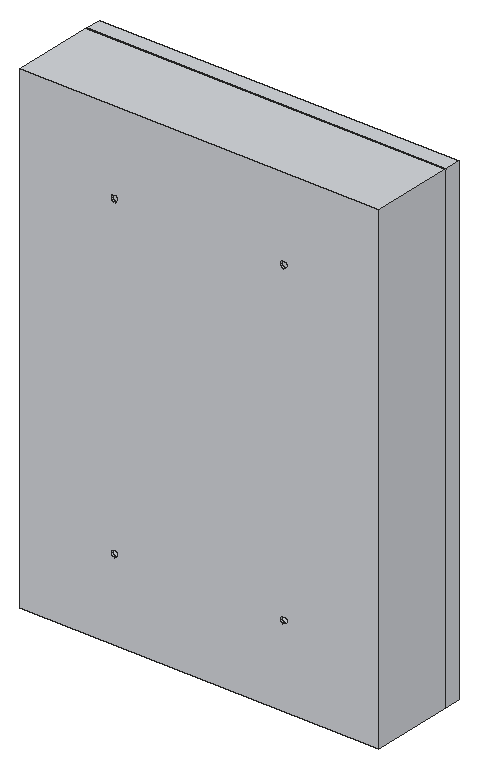
Revit family "AX8436_0012", category Appareils sanitaires, Revit 2016
Family settings
  Hôte = Mur
  Type d'élément = Normal
  Cote de connecteur circulaire = Utiliser le diamètre
  Numéro OmniClass = 23.75.00.00
  Titre OmniClass = Climate Control (HVAC)
  Toujours verticalement = Oui
  Couper avec des vides une fois chargée = Non
  Partagée = Non
  Point de calcul de pièce = Non
Parameters (values of type "Type 1")
  URL = "https://www.axeuro.com/fr/poubelles/25451-poubelle-pour-hygiene-feminine-ax8436.html"
  Type de produit / Type of product = "Poubelle pour hygiène féminine / Waste receptacle for feminine hygiene"  # constant formula
  Référence / Reference = "AX8436, AX8436P"  # constant formula
  Model = ""
  Manufacturer = ""
  Entreprise / Company = "Axeuro"  # constant formula
  Description = ""
Reference planes
  plane 1 "Mur": y = 0
  plane 2 "Centre (gauche/droite)": x = 0
  plane 3 "Arrière": y = 75
Forms (mm)
  Extrusion 1, solid
    sketch origin (546.146, 149.966, 0) x (1, 0, 0) y (0, 0, 1)
      loop
        line (-384.335, 822.446) -> (-707.956, 822.446) -> (-707.956, 387.446) -> (-384.335, 387.446) -> (-384.335, 822.446)
    from -14.687 to 0
  Extrusion 2, solid
    sketch origin (545.42, 136, 23.5) x (1, 0, 0) y (0, 0, 1)
      loop
        line (-406.418, 775.446) -> (-684.422, 775.446) -> (-684.422, 386.446) -> (-406.418, 386.446) -> (-406.418, 775.446)
      loop
        line (-407.418, 387.446) -> (-407.418, 774.446) -> (-683.422, 774.446) -> (-683.422, 387.446) -> (-407.418, 387.446)
    from -13.966 to 56
  Extrusion 3, void
    sketch origin (0, 81, 0) x (1, 0, 0) y (0, 0, 1)
      loop
        arc (125, 774.07) -> (122.547, 779.993) -> (116.624, 782.446) r 8.376
        line (116.624, 782.446) -> (-116.624, 782.446)
        arc (-116.624, 782.446) -> (-122.547, 779.993) -> (-125, 774.07) r 8.376
        line (-125, 774.07) -> (-125, 675.823)
        arc (-125, 675.823) -> (-122.547, 669.9) -> (-116.624, 667.446) r 8.376
        line (-116.624, 667.446) -> (116.624, 667.446)
        arc (116.624, 667.446) -> (122.547, 669.9) -> (125, 675.823) r 8.376
        line (125, 675.823) -> (125, 774.07)
    from -83.654 to -68.966
  Extrusion 4, solid
    sketch origin (0, 75, 0) x (1, 0, 0) y (0, 0, 1)
      loop
        line (161.81, 822.446) -> (-161.81, 822.446) -> (-161.81, 387.446) -> (161.81, 387.446) -> (161.81, 822.446)
    from -1.043 to 0
  Extrusion 5, void
    sketch origin (0, 6, 0) x (1, 0, 0) y (0, 0, 1)
      loop
        circle (-76.453, 747.953) r 3
    from -70.043 to -69
  Extrusion 6, void
    sketch origin (0, 1, 0) x (-1, 0, 0) y (0, 0, -1)
      loop
        circle (-76.453, -747.953) r 3
    from -75.043 to -74
  Extrusion 7, void
    sketch origin (0, 1, 1208.893) x (1, 0, 0) y (0, 0, 1)
      loop
        circle (-76.453, -747.953) r 3
    from -75.043 to -74
  Extrusion 8, void
    sketch origin (0, 1, 1208.893) x (-1, 0, 0) y (0, 0, -1)
      loop
        circle (-76.453, 747.953) r 3
    from -75.043 to -74
  Extrusion 9, solid
    sketch origin (-17.393, 149.654, -954.389) x (1, 0, 0) y (0, 0, 1)
      loop
        circle (125.604, 1575.159) r 8.25
    from -15 to -12.919
  Extrusion 10, void
    sketch origin (-20.147, 149.654, -910.99) x (1, 0, 0) y (0, 0, 1)
      loop
        circle (128.358, 1531.759) r 8.3
    from -15 to -10.322
  Extrusion 11, void
    sketch origin (1640.4, 149.654, 492.247) x (0, 0, 1) y (-1, 0, 0)
      loop
        line (129.522, 1537.139) -> (127.522, 1537.139) -> (127.522, 1527.239) -> (129.522, 1527.239) -> (129.522, 1537.139)
    from -15 to -12.919
  Extrusion 12, solid
    sketch origin (0, 80, 0) x (1, 0, 0) y (0, 0, 1)
      loop
        line (161.81, 387.446) -> (161.81, 822.446) -> (-161.81, 822.446) -> (-161.81, 387.446) -> (161.81, 387.446)
      loop
        line (159.81, 389.446) -> (159.81, 820.446) -> (-159.81, 820.446) -> (-159.81, 389.446) -> (159.81, 389.446)
    from -69.966 to 5
  Extrusion 13, solid, not visible
    sketch origin (801.438, 1.27, 25) x (1, 0, 0) y (0, 1, 0)
      loop
        line (-4052.219, -442.744) -> (-4052.219, -642.744) -> (-4002.219, -642.744) -> (-4002.219, -442.744) -> (-4052.219, -442.744)
    from 0 to 6
  Extrusion 14, solid, not visible
    sketch origin (801.438, -635.474, 667.744) x (1, 0, 0) y (0, 0, 1)
      loop
        line (-4052.219, -392.744) -> (-4052.219, -642.744) -> (-4002.219, -642.744) -> (-4002.219, -392.744) -> (-4052.219, -392.744)
    from 0 to 6
  Extrusion 15, solid, not visible
    sketch origin (801.438, 1.27, 269) x (1, 0, 0) y (0, 1, 0)
      loop
        line (-4052.219, -442.744) -> (-4052.219, -642.744) -> (-4002.219, -642.744) -> (-4002.219, -442.744) -> (-4052.219, -442.744)
    from 0 to 6
  Extrusion 16, solid
    sketch origin (0, 75, 0) x (1, 0, 0) y (0, 0, 1)
      loop
        line (124.9, 675.823) -> (124.9, 774.07)
        arc (124.9, 774.07) -> (122.476, 779.922) -> (116.624, 782.346) r 8.276
        line (116.624, 782.346) -> (-116.624, 782.346)
        arc (-116.624, 782.346) -> (-122.476, 779.922) -> (-124.9, 774.07) r 8.276
        line (-124.9, 774.07) -> (-124.9, 675.823)
        arc (-124.9, 675.823) -> (-122.476, 669.97) -> (-116.624, 667.546) r 8.276
        line (-116.624, 667.546) -> (116.624, 667.546)
        arc (116.624, 667.546) -> (122.476, 669.97) -> (124.9, 675.823) r 8.276
    from -89.654 to -88.454
Cuts and joins
  Extrusion 3, Extrusion 10 cuts Extrusion 1
  Extrusion 3 cuts Extrusion 2
  Extrusion 5, Extrusion 6, Extrusion 7, Extrusion 8 cuts Extrusion 4
  joined: Extrusion 2, Extrusion 4, Extrusion 12
  Extrusion 11 cuts Extrusion 9
Text (mm)
  text "Côté de la mise en place" at (-1820.995, 1116.779, 0), in view "Niveau de réf."
  text "Côté de la mise en place" at (0, 1334.055, 2976.191), in view "Gauche"
  text "Côté de la mise en place" at (0, 439.194, 2944.362), in view "Droite"
Dimensions and locks
  locked: plane 3 "Arrière" to host wall
  aligned and locked: plane 1 "Mur" to host wall
